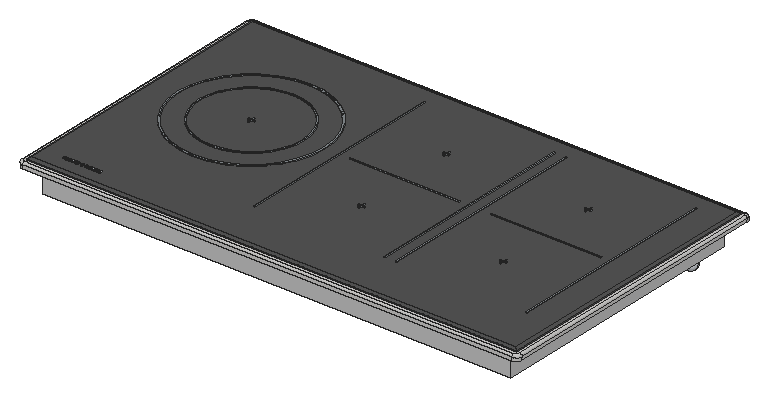
Revit family "FP_Revit_18_CI365PTX4_Cooktop_90001201B", category Specialty Equipment, Revit 2018
Family settings
  Round Connector Dimension = Use Diameter
  Part Type = Normal
  OmniClass Number = 23.40.40.14.17.11
  OmniClass Title = Cookers, Ovens, Stoves
  Work Plane-Based = No
  Always vertical = Yes
  Cut with Voids When Loaded = Yes
  Shared = No
  Room Calculation Point = No
Parameters
  Visibility - Clearance Required = yes
  URL = "www.fisherpaykel.com"
  Product - Width = 914 mm  # constant formula
  Product - Height = 87 mm  # constant formula
  Product - Depth = 533 mm  # constant formula
  Model = "CI365PTX4"
  Material - Trim = Fisher & Paykel - Stainless Steel
  Material - Graphics = Fisher & Paykel - Graphics Grey
  Material - Glass = Fisher & Paykel - Glass, Black
  Material - Body = Fisher & Paykel - Grey
  Manufacturer = "Fisher & Paykel Appliances"
  FFL Offset [instance] = 915 mm
  Description = "36\" Induction Cooktop"
  Connector Note - Electrical = "208 or 240 V, 39 A or 45 A, 60 Hz,"
  Clearance - Side of cooktop to nearest Combustible Surface = 8 mm  # constant formula
  Clearance - Rear of cooktop to nearest Combustible Surface = 12 mm  # constant formula
  Clearance - Overhead Rangehood = 650 mm  # constant formula
  Clearance - Overhead Non-Combustible = 610 mm  # constant formula
  Clearance - Overhead Combustible = 762 mm  # constant formula
  Clearance - Below = 75 mm  # constant formula
  Chassis - Width = 856 mm  # constant formula
  Chassis - Height = 44 mm  # constant formula
  Chassis - Depth = 486 mm  # constant formula
  Cavity - Width = 870 mm  # constant formula
  Cavity - Height = 75 mm  # constant formula
  Cavity - Depth = 494 mm  # constant formula
Reference planes
  plane 1 "Datum": y = 0
  plane 2: z = 0
  plane 3 "Center (Left/Right)": x = 0
  plane 4 "Product LHS": x = -457
  plane 5 "Product RHS": x = 457
  plane 6 "Product - Depth": y = 533
  plane 7 "Cavity LHS": x = -435
  plane 8 "Cavity RHS": x = 435
  plane 9 "Chassis - Front": y = 21
  plane 10 "Cavity - Depth": y = 510.2
  plane 11 "Chassis - Depth": y = 507
  plane 12 "Bottom": z = 840
  plane 13 "FFL Offset": z = 915
  plane 14 "Glass": z = 928.5
  plane 15 "Cavity - Front": y = 16.2
Forms (mm)
  Extrusion 1, solid, material "Fisher & Paykel - Glass, Black" <- "Material - Glass"
    sketch origin (0, 0, 0.5) x (0, 1, 0) y (0, 0, 1)
      loop
        line (14.994, 928) -> (9.994, 926.566) -> (9.994, 924) -> (523.365, 924) -> (523.365, 926.566) -> (518.366, 928) -> (14.994, 928)
    from -447 to 447
  Extrusion 2, solid, material "Fisher & Paykel - Clearance Required (Cutout)", visible <- "Visibility - Clearance Required", detail levels coarse
    sketch origin (0, 0, 0) x (1, 0, 0) y (0, 1, 0)
      loop
        line (-435, 510.2) -> (-435, 16.2) -> (435, 16.2) -> (435, 510.2) -> (-435, 510.2)
    from 840 to 915
  Extrusion 3, solid, material "Fisher & Paykel - Clearance Required (Combustible)", visible <- "Visibility - Clearance Required", detail levels coarse
    sketch origin (0, -70, 0) x (1, 0, 0) y (0, 1, 0)
      loop
        line (457, 70) -> (465, 70) -> (465, 615) -> (-465, 615) -> (-465, 70) -> (-457, 70) -> (-457, 603) -> (457, 603) -> (457, 70)
    from 928.5 to 1578.5
  Extrusion 4, solid, material "Fisher & Paykel - Clearance Required (Non-Combustible)", visible <- "Visibility - Clearance Required", detail levels coarse
    sketch origin (0, 0, 0) x (1, 0, 0) y (0, 1, 0)
      loop
        line (-457, 0) -> (457, 0) -> (457, 533) -> (-457, 533) -> (-457, 0)
    from 928.5 to 1538.5
  Extrusion 5, solid, material "Fisher & Paykel - Grey" <- "Material - Body"
    sketch origin (0, 0, 0) x (0, 1, 0) y (0, 0, 1)
      loop
        line (21, 871) -> (507, 871) -> (507, 915) -> (21, 915) -> (21, 871)
    from -428 to 428
  Extrusion 6, solid, material "Fisher & Paykel - Graphics Grey" <- "Material - Graphics", detail levels fine
    sketch origin (0, 0, 0) x (1, 0, 0) y (0, 1, 0)
      loop
        line (-104.787, 490.711) -> (-106.987, 490.711) -> (-106.987, 102.565) -> (-104.787, 102.565) -> (-104.787, 490.711)
      loop
        line (-86.192, 296.525) -> (-86.192, 294.325) -> (113.808, 294.325) -> (113.808, 296.525) -> (-86.192, 296.525)
      loop
        line (130.504, 490.711) -> (130.504, 102.565) -> (132.704, 102.565) -> (132.704, 490.711) -> (130.504, 490.711)
      loop
        line (152.482, 102.565) -> (154.682, 102.565) -> (154.682, 490.711) -> (152.482, 490.711) -> (152.482, 102.565)
      loop
        line (172.974, 296.525) -> (172.974, 294.325) -> (372.974, 294.325) -> (372.974, 296.525) -> (172.974, 296.525)
      loop
        line (389.77, 490.711) -> (389.77, 102.565) -> (391.97, 102.565) -> (391.97, 490.711) -> (389.77, 490.711)
      loop
        circle (-265.593, 295.061) r 131.061
      loop
        circle (-265.593, 295.061) r 134.065
      loop
        circle (-265.593, 295.061) r 93.54
      loop
        circle (-265.593, 295.061) r 95.565
      loop
        line (-271.743, 296.045) -> (-271.743, 294.077) -> (-266.577, 294.077) -> (-266.577, 288.911) -> (-264.609, 288.911) -> (-264.609, 294.077) -> (-259.443, 294.077) -> (-259.443, 296.045) -> (-264.609, 296.045) -> (-264.609, 301.211) -> (-266.577, 301.211) -> (-266.577, 296.045) -> (-271.743, 296.045)
      loop
        line (6.709, 199.066) -> (6.709, 197.098) -> (11.875, 197.098) -> (11.875, 191.932) -> (13.843, 191.932) -> (13.843, 197.098) -> (19.009, 197.098) -> (19.009, 199.066) -> (13.843, 199.066) -> (13.843, 204.232) -> (11.875, 204.232) -> (11.875, 199.066) -> (6.709, 199.066)
      loop
        line (266.112, 199.066) -> (266.112, 197.098) -> (271.278, 197.098) -> (271.278, 191.932) -> (273.246, 191.932) -> (273.246, 197.098) -> (278.412, 197.098) -> (278.412, 199.066) -> (273.246, 199.066) -> (273.246, 204.232) -> (271.278, 204.232) -> (271.278, 199.066) -> (266.112, 199.066)
      loop
        line (6.709, 393.008) -> (6.709, 391.041) -> (11.875, 391.041) -> (11.875, 385.875) -> (13.843, 385.875) -> (13.843, 391.041) -> (19.009, 391.041) -> (19.009, 393.008) -> (13.843, 393.008) -> (13.843, 398.175) -> (11.875, 398.175) -> (11.875, 393.008) -> (6.709, 393.008)
      loop
        line (266.112, 393.008) -> (266.112, 391.041) -> (271.278, 391.041) -> (271.278, 385.875) -> (273.246, 385.875) -> (273.246, 391.041) -> (278.412, 391.041) -> (278.412, 393.008) -> (273.246, 393.008) -> (273.246, 398.175) -> (271.278, 398.175) -> (271.278, 393.008) -> (266.112, 393.008)
    from 928 to 929
  Extrusion 7, solid, material "Fisher & Paykel - Stainless Steel" <- "Material - Trim"
    sketch origin (0, 0, 0) x (1, 0, 0) y (0, 1, 0)
      loop
        line (-447, 0) -> (447, 0)
        arc (447, 0) -> (454.071, 2.929) -> (457, 10) r 10
        line (457, 10) -> (457, 523)
        arc (457, 523) -> (454.071, 530.071) -> (447, 533) r 10
        line (447, 533) -> (-447, 533)
        arc (-447, 533) -> (-454.071, 530.071) -> (-457, 523) r 10
        line (-457, 523) -> (-457, 10)
        arc (-457, 10) -> (-454.071, 2.929) -> (-447, 0) r 10
    from 915 to 924.5
  Sweep 8, void
    path in 3D
      loop
        arc (457, 523, 924.5) -> (454.071, 530.071, 924.5) -> (447, 533, 924.5) r 10
        line (447, 533, 924.5) -> (-447, 533, 924.5)
        arc (-447, 533, 924.5) -> (-454.071, 530.071, 924.5) -> (-457, 523, 924.5) r 10
        line (-457, 523, 924.5) -> (-457, 10, 924.5)
        arc (-457, 10, 924.5) -> (-454.071, 2.929, 924.5) -> (-447, 0, 924.5) r 10
        line (-447, 0, 924.5) -> (447, 0, 924.5)
        arc (447, 0, 924.5) -> (454.071, 2.929, 924.5) -> (457, 10, 924.5) r 10
        line (457, 10, 924.5) -> (457, 523, 924.5)
    profile origin (457, 266.5, 924.5) x (-1, 0, 0) y (0, 0, 1)
      loop
        line (0, 0) -> (0, -4)
        arc (0, -4) -> (1.172, -1.172) -> (4, 0) r 4
        line (4, 0) -> (0, 0)
  Extrusion 9, void
    sketch origin (0, 0, 0) x (1, 0, 0) y (0, 0, 1)
      loop
        line (447, 927.066) -> (447, 928.5) -> (442.311, 928.5) -> (447, 927.066)
      loop
        line (-447, 927.066) -> (-442.311, 928.5) -> (-447, 928.5) -> (-447, 927.066)
    from -523.365 to -9.994
  Extrusion 10, solid, material "Fisher & Paykel - Clearance Required (Rangehood)", visible <- "Visibility - Clearance Required", detail levels coarse
    sketch origin (0, 0, 0) x (1, 0, 0) y (0, 1, 0)
      loop
        line (-457, 533) -> (-457, 0) -> (457, 0) -> (457, 533) -> (-457, 533)
    from 1578.5 to 1538.5
  Extrusion 11, void
    sketch origin (0, 0, 0) x (1, 0, 0) y (0, 1, 0)
      loop
        line (-435, 510.2) -> (-435, 16.2) -> (435, 16.2) -> (435, 510.2) -> (-435, 510.2)
    from 840 to 915
Cuts and joins
  Sweep 8 cuts Extrusion 7
  Extrusion 9 cuts Extrusion 1
Lines and regions (mm)
  sketch lines
    curve 1: line (457, 10, 924.5) -> (457, 523, 924.5)
    curve 2: arc (457, 10, 924.5) -> (454.071, 2.929, 924.5) -> (447, 0, 924.5) r 10
    curve 3: line (-447, 0, 924.5) -> (447, 0, 924.5)
    curve 4: arc (-447, 0, 924.5) -> (-454.071, 2.929, 924.5) -> (-457, 10, 924.5) r 10
    curve 5: line (-457, 523, 924.5) -> (-457, 10, 924.5)
    curve 6: arc (-457, 523, 924.5) -> (-454.071, 530.071, 924.5) -> (-447, 533, 924.5) r 10
    curve 7: line (447, 533, 924.5) -> (-447, 533, 924.5)
    curve 8: arc (447, 533, 924.5) -> (454.071, 530.071, 924.5) -> (457, 523, 924.5) r 10
Text (mm)
  text "Due to ongoing product development, product details are subject to change without notice. \nPlease always refer to www.fisherpaykel.com for the most current product information. \n© Fisher & Paykel 2020" at (41.04, -387.478, 0), in view "Ref. Level (Plan)"
Dimensions and locks
  equal spacing: plane 4 "Product LHS", plane 3 "Center (Left/Right)", plane 5 "Product RHS"
  "Product - Width": plane 4 "Product LHS" to plane 5 "Product RHS"
  equal spacing: plane 7 "Cavity LHS", plane 3 "Center (Left/Right)", plane 8 "Cavity RHS"
  "Cavity - Width": plane 7 "Cavity LHS" to plane 8 "Cavity RHS"
  equal spacing: Extrusion 5, plane 3 "Center (Left/Right)", Extrusion 5
  plane 1 "Datum" to plane 9 "Chassis - Front" = 21 mm
  "Chassis - Depth": plane 11 "Chassis - Depth" to plane 9 "Chassis - Front"
  plane 4 "Product LHS" to nested 1 = 50.003 mm
  plane 1 "Datum" to Extrusion 1 sketch curve = 9.994 mm
  cut or joined group of Extrusion 1, Extrusion 9 to nested 1 = 75 mm
  plane 1 "Datum" to nested 1 = 40.356 mm
  "FFL Offset": level to plane 13 "FFL Offset"
  locked: plane 13 "FFL Offset" to cut or joined group of Extrusion 1, Extrusion 9 at 9.5
  locked: plane 13 "FFL Offset" to Extrusion 6 at 14
  locked: plane 13 "FFL Offset" to Extrusion 6 at 13
  "Cavity - Height": plane 12 "Bottom" to plane 13 "FFL Offset"
  locked: nested 2 to plane 13 "FFL Offset" at 41.504  (x2)
  "Chassis - Height": Extrusion 5 to plane 13 "FFL Offset"
  locked: plane 13 "FFL Offset" to plane 14 "Glass" at 13.5
  "Clearance - Overhead Rangehood": plane 14 "Glass" to Extrusion 10
  "Clearance - Overhead Non-Combustible": plane 14 "Glass" to Extrusion 10
  locked: plane 14 "Glass" to nested 1 at 0.8
  "Chassis - Width": Extrusion 5 to Extrusion 5
  Extrusion 3 to plane 15 "Cavity - Front" = 16.2 mm
  "Cavity - Depth": plane 15 "Cavity - Front" to plane 10 "Cavity - Depth"
  "Clearance - Rear of cooktop to nearest Combustible Surface": Extrusion 3 to plane 6 "Product - Depth"
  "Clearance - Side of cooktop to nearest Combustible Surface": Extrusion 3 to plane 4 "Product LHS"
  "Clearance - Side of cooktop to nearest Combustible Surface": plane 5 "Product RHS" to Extrusion 3
  aligned and locked: level to plane 2
  aligned and locked: Extrusion 3 sketch curve to plane 5 "Product RHS"
  aligned and locked: plane 10 "Cavity - Depth" to Extrusion 2
  aligned and locked: plane 6 "Product - Depth" to Extrusion 7 sketch curve
  aligned and locked: cut or joined group of Extrusion 1, Extrusion 9 to Extrusion 9 sketch curve  (x2)
  aligned and locked: Extrusion 9 sketch curve to cut or joined group of Extrusion 1, Extrusion 9  (x2)
  aligned and locked: Extrusion 5 sketch curve to plane 13 "FFL Offset"
  aligned and locked: Extrusion 7 to Extrusion 5
  aligned and locked: Extrusion 2 to plane 13 "FFL Offset"
  aligned and locked: plane 14 "Glass" to cut or joined group of Extrusion 1, Extrusion 9
  aligned and locked: plane 14 "Glass" to Extrusion 3
  aligned and locked: plane 14 "Glass" to Extrusion 4
  aligned and locked: Extrusion 4 to Extrusion 10
  aligned and locked: Extrusion 7 to Sweep 8
  aligned and locked: Extrusion 7 to cut or joined group of Extrusion 1, Extrusion 9
  aligned and locked: Extrusion 2 to plane 12 "Bottom"
  aligned and locked: Extrusion 11 to Extrusion 2
  aligned and locked: Extrusion 11 to plane 12 "Bottom"
  aligned and locked: plane 15 "Cavity - Front" to Extrusion 11
  aligned and locked: plane 15 "Cavity - Front" to Extrusion 2
  aligned and locked: Extrusion 3 to plane 6 "Product - Depth"
  aligned and locked: Extrusion 3 to Extrusion 10
Automatic sketch dimensions
  plane 14 "Glass" to Extrusion 1 sketch curve = 0 mm
  plane 10 "Cavity - Depth" to Extrusion 1 sketch curve = 8.166 mm
  Extrusion 1 sketch curve to Extrusion 1 sketch curve = 5 mm  (x2)
  plane 14 "Glass" to Extrusion 1 sketch curve = 1.434 mm  (x2)
  Extrusion 1 sketch curve to Extrusion 1 sketch curve = 2.566 mm
  Extrusion 2 sketch curve to plane 10 "Cavity - Depth" = 0 mm
  plane 7 "Cavity LHS" to Extrusion 2 sketch curve = 0 mm
  Extrusion 2 sketch curve to plane 8 "Cavity RHS" = 0 mm
  plane 1 "Datum" to Extrusion 3 sketch curve = 0 mm  (x2)
  Extrusion 3 sketch curve to plane 4 "Product LHS" = 0 mm
  Extrusion 3 sketch curve to plane 6 "Product - Depth" = 0 mm
  plane 4 "Product LHS" to Extrusion 3 sketch curve = 8 mm
  Extrusion 3 sketch curve to plane 5 "Product RHS" = 8 mm
  plane 6 "Product - Depth" to Extrusion 3 sketch curve = 12 mm
  Extrusion 4 sketch curve to plane 4 "Product LHS" = 0 mm
  Extrusion 4 sketch curve to plane 5 "Product RHS" = 0 mm
  plane 1 "Datum" to Extrusion 4 sketch curve = 0 mm
  Extrusion 4 sketch curve to plane 6 "Product - Depth" = 0 mm
  Extrusion 5 sketch curve to plane 9 "Chassis - Front" = 0 mm
  Extrusion 5 sketch curve to plane 11 "Chassis - Depth" = 0 mm
  plane 12 "Bottom" to Extrusion 5 sketch curve = 31 mm
  Extrusion 6 sketch curve to Extrusion 6 sketch curve = 0 mm  (x25)
  Extrusion 6 sketch curve to plane 7 "Cavity LHS" = 163.257 mm
  Extrusion 6 sketch curve to Extrusion 6 sketch curve = 5.166 mm  (x20)
  Extrusion 6 sketch curve to Extrusion 6 sketch curve = 0.984 mm  (x3)
  Extrusion 6 sketch curve to Extrusion 6 sketch curve = 1.968 mm  (x18)
  Extrusion 6 sketch curve to plane 11 "Chassis - Depth" = 16.289 mm  (x4)
  Extrusion 6 sketch curve to plane 3 "Center (Left/Right)" = 106.987 mm
  Extrusion 6 sketch curve to Extrusion 6 sketch curve = 2.2 mm  (x6)
  Extrusion 6 sketch curve to plane 3 "Center (Left/Right)" = 86.192 mm
  plane 3 "Center (Left/Right)" to Extrusion 6 sketch curve = 6.709 mm  (x2)
  plane 3 "Center (Left/Right)" to Extrusion 6 sketch curve = 113.808 mm
  plane 3 "Center (Left/Right)" to Extrusion 6 sketch curve = 130.504 mm
  Extrusion 6 sketch curve to Extrusion 6 sketch curve = 19.778 mm
  Extrusion 6 sketch curve to Extrusion 6 sketch curve = 59.166 mm
  Extrusion 6 sketch curve to Extrusion 6 sketch curve = 93.138 mm  (x2)
  plane 8 "Cavity RHS" to Extrusion 6 sketch curve = 62.026 mm
  plane 8 "Cavity RHS" to Extrusion 6 sketch curve = 45.23 mm
  Extrusion 6 sketch curve to plane 11 "Chassis - Depth" = 108.825 mm  (x2)
  Extrusion 6 sketch curve to plane 11 "Chassis - Depth" = 205.789 mm
  Extrusion 6 sketch curve to Extrusion 6 sketch curve = 94.516 mm
  Extrusion 6 sketch curve to Extrusion 6 sketch curve = 90.093 mm  (x2)
  Extrusion 6 sketch curve to plane 9 "Chassis - Front" = 81.565 mm  (x3)
  Extrusion 7 sketch curve to plane 4 "Product LHS" = 0 mm
  plane 1 "Datum" to Extrusion 7 sketch curve = 0 mm
  Extrusion 7 sketch curve to plane 5 "Product RHS" = 0 mm
  Extrusion 7 sketch curve to plane 4 "Product LHS" = 10 mm
  plane 5 "Product RHS" to Extrusion 7 sketch curve = 10 mm  (x2)
  Sweep 8 sketch curve to profile plane = 0 mm  (x2)
  Sweep 8 sketch curve to profile plane = 4 mm
  Extrusion 9 sketch curve to Extrusion 9 sketch curve = 4.689 mm  (x2)
  Extrusion 9 sketch curve to Extrusion 9 sketch curve = 1.434 mm  (x2)
  plane 1 "Datum" to Extrusion 10 sketch curve = 0 mm
  Extrusion 10 sketch curve to plane 4 "Product LHS" = 0 mm
  Extrusion 10 sketch curve to plane 5 "Product RHS" = 0 mm
  Extrusion 10 sketch curve to plane 6 "Product - Depth" = 0 mm
  Extrusion 11 sketch curve to plane 10 "Cavity - Depth" = 0 mm
  plane 7 "Cavity LHS" to Extrusion 11 sketch curve = 0 mm
  Extrusion 11 sketch curve to plane 8 "Cavity RHS" = 0 mm
  plane 9 "Chassis - Front" to Extrusion 2 sketch curve = 4.8 mm
  Extrusion 7 sketch curve to Extrusion 7 sketch curve = 10 mm
  plane 9 "Chassis - Front" to Extrusion 11 sketch curve = 4.8 mm
  radius of Extrusion 6 sketch curve = 131.061 mm
  radius of Extrusion 6 sketch curve = 134.065 mm
  radius of Extrusion 6 sketch curve = 93.54 mm
  radius of Extrusion 6 sketch curve = 95.565 mm
Nested families
  nested 1: "F&P Logo 70mm Horizontal" at (-372, 40.356, 928.5), type "Grey"
  nested 2: "F&P Power Connection Cooktop" at (399.3, 467.612, 935.496), type "F&P Power Connection Cooktop"
Connectors
  electrical at (359.3, 398.531, 853.296), driven by "Connector Note - Electrical"
    settings: on nested 2, index 1, voltage 120 V, apparent load 0 VA, apparent load phase1 0 VA, apparent load phase2 0 VA, apparent load phase3 0 VA, power factor 1, load classification "Other", number of poles 2, system type 30, power factor state 1, is connector primary yes, connector utility no, sub classification motor no, connector description "208 or 240 V, 39 A or 45 A, 60 Hz,"
Definition of nested family "F&P Logo 70mm Horizontal"
  Parameters (values of type "Chrome")
    URL = "www.fisherpaykel.com"
    Material - Logo = none
    Manufacturer = "Fisher & Paykel Appliances"
  Types (3): name
    (no name)
    Chrome
    Grey
  Reference planes
    plane 1 "Center (Front/Back)": y = 0
    plane 2: z = 0
    plane 3 "Center (Left/Right)": x = 0
  Forms (mm)
    Extrusion 1, solid, material <- "Material - Logo", detail levels fine
      sketch origin (0, 0, 0) x (1, 0, 0) y (0, 1, 0)
        loop
          line (-34.997, 0) -> (-33.895, 0) -> (-33.895, 1.496) -> (-32.174, 1.496) -> (-32.174, 2.431) -> (-33.895, 2.431) -> (-33.895, 3.298) -> (-32.023, 3.298) -> (-32.023, 4.228) -> (-34.997, 4.228) -> (-34.997, 0)
        loop
          line (-29.929, 4.228) -> (-29.929, 0) -> (-28.828, 0) -> (-28.828, 4.228) -> (-29.929, 4.228)
        loop
          line (-21.473, 4.228) -> (-21.473, 0) -> (-20.372, 0) -> (-20.372, 1.694) -> (-18.754, 1.694) -> (-18.754, 0) -> (-17.652, 0) -> (-17.652, 4.228) -> (-18.754, 4.228) -> (-18.754, 2.624) -> (-20.372, 2.624) -> (-20.372, 4.228) -> (-21.473, 4.228)
        loop
          line (-15.301, 4.228) -> (-15.301, 0) -> (-12.288, 0) -> (-12.288, 0.8) -> (-14.209, 0.8) -> (-14.209, 1.694) -> (-12.453, 1.694) -> (-12.453, 2.624) -> (-14.209, 2.624) -> (-14.209, 3.428) -> (-12.288, 3.428) -> (-12.288, 4.228) -> (-15.301, 4.228)
        loop
          line (32, 4.228) -> (32, 0) -> (35.003, 0) -> (35.003, 0.93) -> (33.102, 0.93) -> (33.102, 4.228) -> (32, 4.228)
        loop
          line (29.735, 4.228) -> (26.712, 4.228) -> (26.712, 0) -> (29.735, 0) -> (29.735, 0.8) -> (27.814, 0.8) -> (27.814, 1.694) -> (29.57, 1.694) -> (29.57, 2.624) -> (27.814, 2.624) -> (27.814, 3.428) -> (29.735, 3.428) -> (29.735, 4.228)
        loop
          line (23.449, 2.203) -> (25.012, 4.228) -> (23.724, 4.228) -> (22.374, 2.479) -> (22.374, 4.228) -> (21.273, 4.228) -> (21.273, 0) -> (22.374, 0) -> (22.374, 1.894) -> (23.765, 0) -> (25.067, 0) -> (23.449, 2.203)
        loop
          line (15.42, 4.228) -> (17.017, 1.694) -> (17.017, 0) -> (18.119, 0) -> (18.119, 1.639) -> (19.717, 4.228) -> (18.546, 4.228) -> (17.603, 2.595) -> (16.66, 4.228) -> (15.42, 4.228)
        loop
          line (12.969, 4.228) -> (11.922, 4.228) -> (10.2, 0) -> (11.282, 0) -> (11.585, 0.778) -> (13.278, 0.778) -> (13.581, 0) -> (14.69, 0) -> (12.969, 4.228)
        loop
          line (12.913, 1.708) -> (12.419, 2.922) -> (11.946, 1.708) -> (12.913, 1.708)
        loop
          line (5.656, 4.228) -> (5.656, 0) -> (6.757, 0) -> (6.757, 1.357) -> (7.557, 1.357)
          arc (7.557, 1.357) -> (8.993, 2.792) -> (7.557, 4.228) r 1.436
          line (7.557, 4.228) -> (5.656, 4.228)
        loop
          line (6.757, 2.238) -> (7.557, 2.238)
          arc (7.557, 2.238) -> (8.088, 2.768) -> (7.557, 3.298) r 0.53
          line (7.557, 3.298) -> (6.757, 3.298) -> (6.757, 2.238)
        loop
          line (-8.214, 4.228) -> (-10.023, 4.228) -> (-10.023, 0) -> (-9.058, 0) -> (-9.058, 0.8) -> (-8.258, 0.8) -> (-7.647, 0) -> (-6.373, 0) -> (-7.452, 1.381)
          arc (-7.452, 1.381) -> (-6.741, 3.097) -> (-8.214, 4.228) r 1.525
        loop
          line (-8.921, 3.298) -> (-8.921, 2.137) -> (-8.121, 2.137)
          arc (-8.121, 2.137) -> (-7.54, 2.718) -> (-8.121, 3.298) r 0.581
          line (-8.121, 3.298) -> (-8.921, 3.298)
        loop
          line (0.368, 3.298) -> (0.368, 4.307) -> (-2.553, 4.307) -> (-2.553, 3.499) -> (-2.048, 2.878)
          arc (-2.048, 2.878) -> (-2.424, 0.478) -> (0.002, 0.358) r 1.633
          line (0.002, 0.358) -> (0.495, -0.272) -> (1.765, -0.272) -> (0.636, 1.116) -> (1.613, 2.524) -> (0.481, 2.524) -> (0.025, 1.867) -> (-1.14, 3.298) -> (0.368, 3.298)
        loop
          arc (-1.454, 2.148) -> (-1.555, 1.167) -> (-0.574, 1.067) r 0.697
          line (-0.574, 1.067) -> (-1.454, 2.148)
        loop
          line (-24.593, 2.544) -> (-25.527, 2.737)
          arc (-25.527, 2.737) -> (-25.9, 3.11) -> (-25.527, 3.483) r 0.373
          arc (-25.527, 3.483) -> (-24.631, 3.353) -> (-23.808, 2.973) r 3.153
          line (-23.808, 2.973) -> (-23.808, 4.02)
          arc (-23.808, 4.02) -> (-24.851, 4.326) -> (-25.937, 4.276) r 3.308
          arc (-25.937, 4.276) -> (-26.941, 3.034) -> (-25.937, 1.792) r 1.27
          line (-25.937, 1.792) -> (-24.994, 1.597)
          arc (-24.994, 1.597) -> (-24.621, 1.224) -> (-24.994, 0.851) r 0.373
          arc (-24.994, 0.851) -> (-25.891, 0.981) -> (-26.714, 1.361) r 3.153
          line (-26.714, 1.361) -> (-26.714, 0.314)
          arc (-26.714, 0.314) -> (-25.671, 0.009) -> (-24.585, 0.058) r 3.308
          arc (-24.585, 0.058) -> (-23.58, 1.304) -> (-24.593, 2.544) r 1.27
      from 0 to 0.8
  Dimensions and locks
    Extrusion 1 sketch curve to Extrusion 1 sketch curve = 70 mm
    aligned and locked: level to plane 2
Definition of nested family "F&P Power Connection Cooktop"
  Parameters (values of type "F&P Power Connection Cooktop")
    URL = "www.fisherpaykel.com"
    Model = ""
    Material - Body = none
    Manufacturer = "Fisher & Paykel Appliances"
    Description = ""
  Reference planes
    plane 1 "Center (Front/Back)": y = 0
    plane 2: z = 0
    plane 3 "Center (Left/Right)": x = 0
  Forms (mm)
    Extrusion 1, solid, material <- "Material - Body"
      sketch origin (-399.3, -461.987, 0) x (1, 0, 0) y (0, 1, 0)
        loop
          line (371.3, 470.923) -> (371.3, 477.382)
          arc (371.3, 477.382) -> (365.3, 483.382) -> (359.3, 477.382) r 6
          line (359.3, 477.382) -> (359.3, 470.923) -> (371.3, 470.923)
        loop
          circle (365.3, 477.382) r 2
        loop
          line (371.3, 453.05) -> (359.3, 453.05) -> (359.3, 446.592)
          arc (359.3, 446.592) -> (365.3, 440.592) -> (371.3, 446.592) r 6
          line (371.3, 446.592) -> (371.3, 453.05)
        loop
          circle (365.3, 446.592) r 2
      from -85 to -75
    Revolve 2, solid, material <- "Material - Body"
      sketch origin (-399.3, 0, 0) x (1, 0, 0) y (0, 0, 1)
        loop
          line (359.3, -70.404) -> (359.3, -82.2) -> (411.196, -82.2)
          arc (411.196, -82.2) -> (407.741, -73.859) -> (399.4, -70.404) r 11.796
          line (399.4, -70.404) -> (359.3, -70.404)
        axis (359.3, -82.2) -> (411.196, -82.2)
      angle from 0 to 360
    Revolve 3, solid, material <- "Material - Body"
      sketch origin (-399.3, 0, 0) x (1, 0, 0) y (0, 0, 1)
        loop
          line (410.3, -62) -> (399.3, -62) -> (399.3, -82.2) -> (410.3, -82.2) -> (410.3, -62)
        axis (399.3, -62) -> (399.3, -82.2)
      angle from 0 to 360
    Sweep 4, solid, material <- "Material - Body"
      path origin (-399.3, -461.987, 0) x (1, 0, 0) y (0, 1, 0)
        loop
          line (359.3, 392.906) -> (280.841, 392.906)
          arc (280.841, 392.906) -> (222.158, 372.738) -> (188.271, 320.757) r 95.459
          arc (188.271, 320.757) -> (14.034, 258.449) -> (22.747, 443.286) r 111.355
          arc (22.747, 443.286) -> (55.057, 457.224) -> (89.922, 461.987) r 130
          line (89.922, 461.987) -> (359.3, 461.987)
      profile origin (-174.689, 0, 0) x (0, 1, 0) y (0, 0, 1)
        loop
          circle (0, -82.2) r 11
    Extrusion 5, solid, material <- "Material - Body", detail levels medium+fine
      sketch origin (-170.063, -461.987, 0) x (0, 1, 0) y (0, 0, 1)
        loop
          circle (392.954, -77.981) r 3
        loop
          circle (388.579, -82.669) r 3
        loop
          circle (397.329, -82.669) r 3
        loop
          circle (392.954, -87.356) r 3
      from 160 to 130.063
  Cuts and joins
    joined: Extrusion 1, Revolve 2, Revolve 3
  Text (mm)
    text "Due to ongoing product development, product details are subject to change without notice. \nPlease always refer to www.fisherpaykel.com for the most current product information. \n© Fisher & Paykel 2020" at (41.04, -387.478, 0), in view "Ref. Level (Plan)"
  Dimensions and locks
    aligned and locked: level to plane 2
